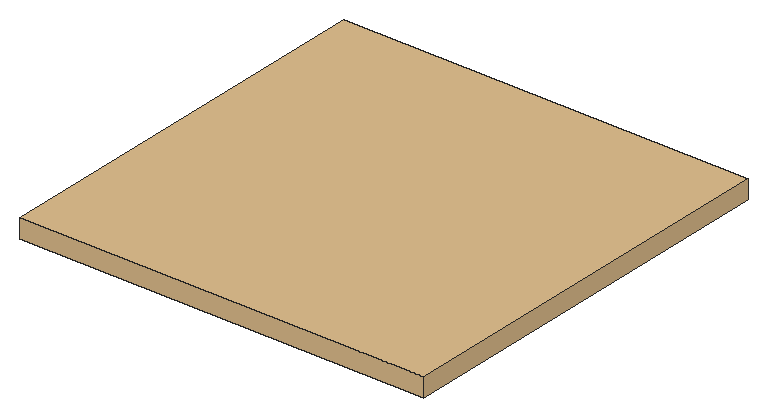
Revit family "p-180_395gb2-g", category 機械設備, Revit 2019
Family settings
  丸型コネクタ寸法 = 直径を使用
  パーツ タイプ = 標準
  OmniClass 番号 = 23.75.35.17.27
  OmniClass タイトル = Centrifugal Fans
  作業面ベース = いいえ
  常に垂直 = はい
  ロード時にボイドで切り取り = いいえ
  共有 = いいえ
  部屋計算ポイント = はい
Parameters (values of type "P-395GB2-G")
  電圧 = 100 V
  質量 = 0.888 kg
  負荷分類 = 3_ファン類
  説明 = "ダクト用換気扇 別売グリル インテリア格子タイプ<ライトオーク>"
  製造元 = "三菱電機株式会社"
  製品質量 = 0.74 kg
  製品出荷対象 = "国内"
  製品リリース年月 = "2024年4月1日"
  積算_科目 = "2 換気設備"
  相 = 1
  消費電力 = 36 W
  極数 = 2
  始動方式 [instance] = "直入"
  分類コード = "50052503100030"
  価格 = 15000
  企業コード = "108420"
  仕様書バージョン = "Version1.0"
  モデル = "P-395GB2-G"
  マテリアル = 合成樹脂(ライトオーク)
  Type Comments = ""
  Keynote = ""
  Assembly Code = ""
  Width = 475 mm
  URL = "https://www.mitsubishielectric.co.jp/ldg/wink/qr/002/333543/"
  Height = 22 mm
  Depth = 475 mm
  Author = "三菱電機株式会社"
Types (5, lengths in mm): name | 質量 | 製品質量 | 製品リリース年月 | 価格 | モデル | Width | URL | Height | Depth
  P-180GB2-G | 0.228 kg | 0.19 kg | "2024年4月1日" | 7500 | "P-180GB2-G" | 250 | "https://www.mitsubishielectric.co.jp/ldg/wink/qr/002/333537/" | 15 | 250
  P-215GB2-G | 0.30 kg | 0.25 kg | "2024年4月1日" | 7800 | "P-215GB2-G" | 286 | "https://www.mitsubishielectric.co.jp/ldg/wink/qr/002/333539/" | 15 | 286
  P-260GB2-G | 0.42 kg | 0.35 kg | "2015年6月1日" | 8600 | "P-260GB2-G" | 335 | "https://www.mitsubishielectric.co.jp/ldg/wink/qr/002/256093/" | 19 | 335
  P-315GB2-G | 0.528 kg | 0.44 kg | "2015年6月1日" | 11500 | "P-315GB2-G" | 380 | "https://www.mitsubishielectric.co.jp/ldg/wink/qr/002/256096/" | 20 | 380
  P-395GB2-G | 0.888 kg | 0.74 kg | "2024年4月1日" | 15000 | "P-395GB2-G" | 475 | "https://www.mitsubishielectric.co.jp/ldg/wink/qr/002/333543/" | 22 | 475
Reference planes
  plane 1 "中心(正面/背面)": y = 0
  plane 2: z = 0
  plane 3 "中心(左/右)": x = 0
  plane 4: x = -237.5
  plane 5: x = 237.5
  plane 6: y = 237.5
  plane 7: y = -237.5
  plane 8: z = -22
Forms (mm)
  Extrusion 1, solid, material "合成樹脂(ライトオーク)" <- "マテリアル"
    sketch origin (0, 0, 0) x (1, 0, 0) y (0, 1, 0)
      loop
        line (-237.5, 237.5) -> (-237.5, -237.5) -> (237.5, -237.5) -> (237.5, 237.5) -> (-237.5, 237.5)
    from -22 to 0
Dimensions and locks
  "Width": plane 4 to plane 5
  equal spacing: plane 4, plane 3 "中心(左/右)", plane 5
  "Depth": plane 6 to plane 7
  equal spacing: plane 6, plane 1 "中心(正面/背面)", plane 7
  "Height": plane 2 to plane 8
  aligned and locked: level to plane 2
  aligned and locked: plane 6 to Extrusion 1
  aligned and locked: plane 5 to Extrusion 1
  aligned and locked: Extrusion 1 to plane 7
  aligned and locked: Extrusion 1 to plane 4
  aligned and locked: plane 2 to Extrusion 1
  aligned and locked: Extrusion 1 to plane 8
  aligned and locked: plane 7 to Extrusion 1 sketch curve
  aligned and locked: Extrusion 1 sketch curve to plane 5
Automatic sketch dimensions
  Extrusion 1 sketch curve to plane 4 = 0 mm
  Extrusion 1 sketch curve to plane 6 = 0 mm
